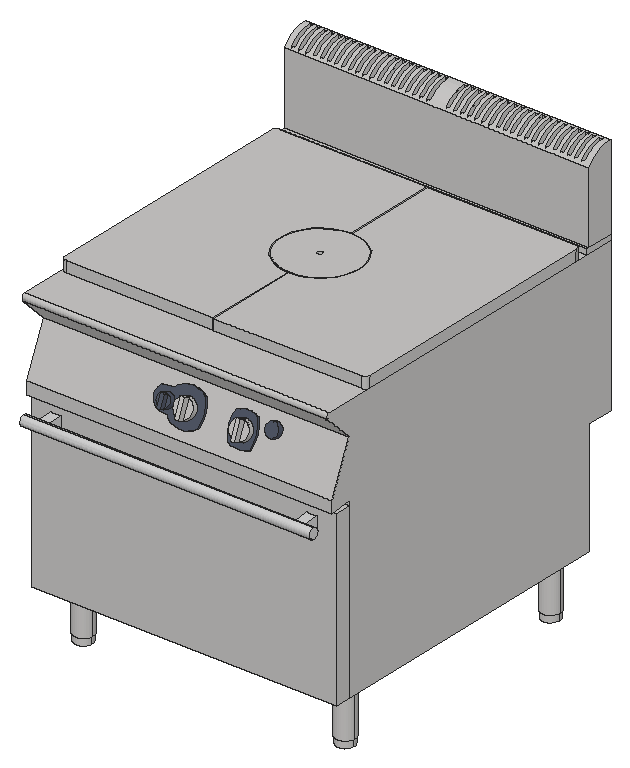
Revit family "QF_ELECTROLUXPROFESSIONAL_391214_E9STGH10V", category Specialty Equipment, Revit 2018
Family settings
  Round Connector Dimension = Use Diameter
  Part Type = Normal
  Work Plane-Based = No
  Always vertical = Yes
  Cut with Voids When Loaded = No
  Shared = No
  Room Calculation Point = No
Parameters
  Width = 800 mm  # constant formula
  Weight in Pounds = 171  # constant formula
  Watts = 0 W
  Volts = 230 V
  URL Cutsheet = "www.electrolux.com"
  URL = "www.electrolux.com"
  Type Mark [instance] = ""
  Status [instance] = ""
  Specification by User [instance] = ""
  Specification by Manufacturer = ""
  Show Logo [instance] = yes
  Show Clearance [instance] = yes
  Serial Number = ""
  Seismic Rating = ""
  SMACNA No = ""
  Revision Code [instance] = ""
  Phase = 1
  Omniclass Number and Title = ""
  Number of Poles [instance] = 1
  NAFEM Spec ID Number = ""
  Model = "391214"
  Min Ckt Ampacity = 0 A
  Mechanical Remarks [instance] = ""
  Mechanical Connection Type [instance] = ""
  Max Overcurrent Protection = 0 A
  Masterspec = ""
  Manufacturer = "ELECTROLUX"
  Item Number [instance] = ""
  Installed By [instance] = ""
  Identify Quantity as Lot [instance] = yes
  Height = 908 mm  # constant formula
  HP = "0.3 HP"
  Gas Size = 12.7 mm  # 1/2"
  Gas RI Height [instance] = 0 mm
  Gas KW [instance] = 22  # constant formula
  Gas Input [instance] = 71589.0 Btu/h
  Gas Connection Height = 0 mm
  Furnished By [instance] = ""
  Foodservice Equipment Identifier [instance] = yes
  FL Amps = if(Phase = 3, Watts / (Volts * 1.73), Watts / Volts)  # 0 A
  Electrical Remarks = "230 V/1N ph/50/60 Hz"
  Electric Connection Type [instance] = ""
  Elec Conn RI Height [instance] = 0 mm
  Elec Conn Connection Height [instance] = 0 mm
  Direct Waste Size = 0"
  Description = "900XP GAS SOLID TOP, GAS OVEN - LPG/NATURAL GAS"
  Depth = 700 mm  # constant formula
  Cycle = if([60 Hertz Option], 60 Hz, 50 Hz)  # 50 Hz
  Conn Plug = ""
  Conn Conduit = yes
  CSI MasterFormat = ""
  CSI Master Format = ""
  Assembly Code = ""
  Apparent Power = if(Phase = 3, Volts * FL Amps * 1.73, Volts * FL Amps)  # 0 VA
  60 Hertz Option = not([50 Hertz Option])  # no
  50 Hertz Option = yes
Reference planes
  plane 1 "BACK": y = 0
  plane 2: z = 0
  plane 3 "LEFT": x = 0
  plane 4 "RIGHT": x = 800
  plane 5 "FRONT": y = -930
  plane 6 "TOP": z = 1087
  plane 7 "Center Y": x = 400
  plane 8 "Center X": y = -465
  plane 9 "Base": z = 150
  plane 10: z = 850
  plane 11: y = -1030
  plane 12: y = -1306
  plane 13: x = 56
  plane 14: x = 744
  plane 15: y = -128
  plane 16: y = -801.871
  plane 17: x = 780.125
  plane 18: x = 19.875
  plane 19: y = -574
  plane 20: x = 552
Forms (mm)
  Revolve 1, solid, material "QF_Finishes_Stainless Steel"
    sketch origin (1, -126, 0) x (1, 0, 0) y (0, 0, 1)
      loop
        line (55, 0) -> (55, 150) -> (29.6, 150) -> (29.6, 19.05) -> (32.1, 19.05) -> (32.1, 0) -> (55, 0)
      axis (55, 0) -> (55, 150)
    angle from 0 to 360
  Revolve 2, solid, material "QF_Finishes_Stainless Steel"
    sketch origin (1, -800, 0) x (1, 0, 0) y (0, 0, 1)
      loop
        line (55, 0) -> (55, 150) -> (29.6, 150) -> (29.6, 19.05) -> (32.1, 19.05) -> (32.1, 0) -> (55, 0)
      axis (55, 0) -> (55, 150)
    angle from 0 to 360
  Revolve 3, solid, material "QF_Finishes_Stainless Steel"
    sketch origin (799, -126, 0) x (-1, 0, 0) y (0, 0, -1)
      loop
        line (55, 0) -> (32.1, 0) -> (32.1, -19.05) -> (29.6, -19.05) -> (29.6, -150) -> (55, -150) -> (55, 0)
      axis (55, 0) -> (55, -150)
    angle from 0 to 360
  Revolve 4, solid, material "QF_Finishes_Stainless Steel"
    sketch origin (799, -800, 0) x (-1, 0, 0) y (0, 0, -1)
      loop
        line (55, 0) -> (32.1, 0) -> (32.1, -19.05) -> (29.6, -19.05) -> (29.6, -150) -> (55, -150) -> (55, 0)
      axis (55, 0) -> (55, -150)
    angle from 0 to 360
  Extrusion 5, solid, material "QF_Finishes_Stainless Steel"
    sketch origin (0, 0, 0) x (0, 1, 0) y (0, 0, 1)
      loop
        line (0, 450) -> (0, 850) -> (-921.37, 850)
        arc (-921.37, 850) -> (-929.343, 844.673) -> (-927.472, 835.268) r 8.63
        line (-927.472, 835.268) -> (-860.008, 765.933) -> (-915.833, 640.576) -> (-915.833, 609.279) -> (-857.58, 613.975)
        arc (-857.58, 613.975) -> (-855.056, 613.227) -> (-853.964, 610.831) r 3.175
        line (-853.964, 610.831) -> (-853.964, 150) -> (-71, 150) -> (-71, 450) -> (0, 450)
    from 0 to 800
  Extrusion 6, solid, material "QF_Finishes_Stainless Steel"
    sketch origin (0, -853.964, 610.831) x (0, 0, -1) y (1, 0, 0)
      loop
        line (460.831, 0) -> (460.831, 800) -> (9.61, 800) -> (9.61, 0) -> (460.831, 0)
    from 3.175 to 45.907
  Extrusion 7, solid, material "QF_Finishes_Handrails and Railings"
    sketch origin (800, -853.964, 150) x (0, 0, 1) y (0, -1, 0)
      loop
        line (429.101, 45.907) -> (426.396, 84.585)
        arc (426.396, 84.585) -> (412.589, 85.779) -> (408.093, 98.888) r 12.7
        arc (408.093, 98.888) -> (407.276, 98.347) -> (406.501, 97.749) r 13.441
        arc (406.501, 97.749) -> (405.055, 95.943) -> (404.435, 93.715) r 5.77
        line (404.435, 93.715) -> (401.092, 45.907) -> (429.101, 45.907)
    from -76.2 to -50.8
  Extrusion 8, solid, material "QF_Finishes_Handrails and Railings"
    sketch origin (0, -853.964, 601.221) x (0, 0, -1) y (0, -1, 0)
      loop
        circle (30.812, 95.785) r 12.7
    from -19.875 to -780.125
  Extrusion 9, solid, material "QF_Finishes_Stainless Steel"
    sketch origin (0, 0, 576.213) x (0, 1, 0) y (0, 0, 1)
      loop
        line (0, 273.787) -> (0, 288.075) -> (-78.2, 288.075) -> (-78.2, 273.787) -> (0, 273.787)
    from 0 to 800
  Extrusion 10, solid, material "QF_Finishes_Stainless Steel"
    sketch origin (0, 0, 850) x (0, -1, 0) y (1, 0, 0)
      loop
        arc (100.261, 12.7) -> (103.981, 3.72) -> (112.961, 0) r 12.7
        line (112.961, 0) -> (789.171, 0)
        arc (789.171, 0) -> (798.151, 3.72) -> (801.871, 12.7) r 12.7
        line (801.871, 12.7) -> (801.871, 398.413) -> (557.878, 398.413)
        arc (557.878, 398.413) -> (452.319, 294.787) -> (346.915, 398.571) r 105.497
        line (346.915, 398.571) -> (100.261, 398.571) -> (100.261, 12.7)
      loop
        arc (801.871, 787.3) -> (798.151, 796.28) -> (789.171, 800) r 12.7
        line (789.171, 800) -> (112.961, 800)
        arc (112.961, 800) -> (103.981, 796.28) -> (100.261, 787.3) r 12.7
        line (100.261, 787.3) -> (100.261, 401.528) -> (346.91, 401.528)
        arc (346.91, 401.528) -> (452.639, 505.459) -> (557.892, 401.047) r 105.5
        line (557.892, 401.047) -> (801.871, 401.047) -> (801.871, 787.3)
      loop
        circle (452.399, 400) r 102.6
      loop
        circle (452.399, 400) r 7
    from 0 to 28.575
  Extrusion 11, solid, material "QF_Finishes_Navy Blue"
    sketch origin (0, -860.008, 765.933) x (0, -0.40682, -0.913509) y (1, 0, 0)
      loop
        arc (30.134, 518.214) -> (65.716, 510.589) -> (101.425, 517.596) r 90.5
        arc (101.425, 517.596) -> (108.251, 546.784) -> (101.425, 575.972) r 65.817
        arc (101.425, 575.972) -> (65.717, 582.932) -> (30.134, 575.359) r 91.066
        arc (30.134, 575.359) -> (23.579, 546.786) -> (30.134, 518.214) r 65.546
    from 0 to 3.175
  Extrusion 12, solid, material "QF_Finishes_Stainless Steel"
    sketch origin (0, -862.908, 767.224) x (0, -0.40682, -0.913509) y (1, 0, 0)
      loop
        circle (66.843, 546.537) r 25.4
    from 0 to 12.7
  Extrusion 13, solid, material "QF_Finishes_Stainless Steel"
    sketch origin (0, -874.509, 772.391) x (0, -0.40682, -0.913509) y (1, 0, 0)
      loop
        arc (91.575, 540.751) -> (92.243, 546.537) -> (91.575, 552.323) r 25.4
        line (91.575, 552.323) -> (42.111, 552.323)
        arc (42.111, 552.323) -> (41.443, 546.537) -> (42.111, 540.751) r 25.4
        line (42.111, 540.751) -> (91.575, 540.751)
    from 0 to 12.7
  Extrusion 14, solid, material "QF_Finishes_Navy Blue"
    sketch origin (0, -860.008, 765.933) x (0, -0.40682, -0.913509) y (1, 0, 0)
      loop
        circle (42.286, 622.183) r 17.78
    from 0 to 12.7
  Extrusion 15, solid, material "QF_Finishes_Navy Blue"
    sketch origin (0, -860.008, 765.933) x (0, -0.40682, -0.913509) y (1, 0, 0)
      loop
        arc (28.402, 362.874) -> (31.432, 361.545) -> (34.507, 360.326) r 91.066
        arc (34.507, 360.326) -> (36.162, 342.735) -> (39.545, 325.393) r 178.752
        arc (39.545, 325.393) -> (63.514, 313.082) -> (87.483, 325.393) r 29.489
        arc (87.483, 325.393) -> (93.848, 341.728) -> (95.308, 359.198) r 61.044
        arc (95.308, 359.198) -> (98.286, 360.249) -> (101.226, 361.403) r 91.066
        arc (101.226, 361.403) -> (113.24, 400.51) -> (99.828, 439.16) r 65.817
        arc (99.828, 439.16) -> (64.653, 445.46) -> (29.762, 437.739) r 91.066
        arc (29.762, 437.739) -> (17.34, 400.52) -> (28.402, 362.874) r 65.546
    from 0 to 3.175
  Extrusion 16, solid, material "QF_Finishes_Stainless Steel"
    sketch origin (0, -862.908, 767.224) x (0, -0.40682, -0.913509) y (1, 0, 0)
      loop
        circle (66.843, 400) r 25.4
    from 0 to 12.7
  Extrusion 17, solid, material "QF_Finishes_Stainless Steel"
    sketch origin (0, -874.509, 772.391) x (0, -0.40682, -0.913509) y (1, 0, 0)
      loop
        arc (91.575, 394.214) -> (92.243, 400) -> (91.575, 405.786) r 25.4
        line (91.575, 405.786) -> (42.111, 405.786)
        arc (42.111, 405.786) -> (41.443, 400) -> (42.111, 394.214) r 25.4
        line (42.111, 394.214) -> (91.575, 394.214)
    from 0 to 12.7
  Extrusion 18, solid, material "QF_Finishes_Navy Blue"
    sketch origin (0, -862.908, 767.224) x (0, -0.40682, -0.913509) y (1, 0, 0)
      loop
        circle (66.843, 347.787) r 18.37
    from 0 to 12.7
  Extrusion 19, solid, material "QF_Finishes_Navy Blue"
    sketch origin (-0.312, -874.382, 772.676) x (0, -0.40682, -0.913509) y (1, 0, 0)
      loop
        arc (84.808, 342.354) -> (85.476, 348.14) -> (84.808, 353.926) r 25.4
        line (84.808, 353.926) -> (52.844, 353.926)
        arc (52.844, 353.926) -> (52.176, 348.14) -> (52.844, 342.354) r 25.4
        line (52.844, 342.354) -> (84.808, 342.354)
    from 0 to 8.112
  Extrusion 20, solid, material "QF_Finishes_Stainless Steel"
    sketch origin (0, -853.964, 150) x (1, 0, 0) y (0, -1, 0)
      loop
        circle (747.612, -189.964) r 6.4
    from 0 to 21
  Extrusion 21, solid, material "QF_Door-Drawer Clearances", visible <- "Show Clearance", detail levels coarse
    sketch origin (0, 0, 0) x (0, -1, 0) y (0, 0, 1)
      loop
        line (899.871, 600.497) -> (899.871, 150) -> (1306, 150)
        arc (1306, 150) -> (1181.262, 445.861) -> (899.871, 600.497) r 488.79
    from 0 to -800
  Extrusion 22, solid, material "QF_Clearances", visible <- "Show Clearance", detail levels coarse
    sketch origin (0, 0, 0) x (1, 0, 0) y (0, 1, 0)
      loop
        line (-100, -930) -> (0, -930) -> (0, 0) -> (800, 0) -> (800, -930) -> (900, -930) -> (900, 100) -> (-100, 100) -> (-100, -930)
    from 0 to 1087
  Extrusion 23, solid, material "QF_Finishes_Handrails and Railings"
    sketch origin (0, -852.093, 150) x (0, 0, 1) y (0, 1, 0)
      loop
        line (429.101, -47.778) -> (401.092, -47.778) -> (404.435, -95.586)
        arc (404.435, -95.586) -> (405.055, -97.814) -> (406.501, -99.619) r 5.77
        arc (406.501, -99.619) -> (407.276, -100.218) -> (408.093, -100.759) r 13.441
        arc (408.093, -100.759) -> (412.589, -87.649) -> (426.396, -86.456) r 12.7
        line (426.396, -86.456) -> (429.101, -47.778)
    from -76.2 to -50.8
  Extrusion 24, void
    sketch origin (34.989, 0, 1043.988) x (-1, 0, 0) y (0, -1, 0)
      loop
        line (-335.017, 6.761) -> (-335.017, 63.911) -> (-344.313, 63.911) -> (-344.313, 6.761) -> (-335.017, 6.761)
      loop
        line (-316.325, 6.761) -> (-316.325, 63.911) -> (-325.62, 63.911) -> (-325.62, 6.761) -> (-316.325, 6.761)
      loop
        line (-297.632, 6.761) -> (-297.632, 63.911) -> (-306.928, 63.911) -> (-306.928, 6.761) -> (-297.632, 6.761)
      loop
        line (-278.94, 6.761) -> (-278.94, 63.911) -> (-288.235, 63.911) -> (-288.235, 6.761) -> (-278.94, 6.761)
      loop
        line (-260.247, 6.761) -> (-260.247, 63.911) -> (-269.543, 63.911) -> (-269.543, 6.761) -> (-260.247, 6.761)
      loop
        line (-241.554, 6.761) -> (-241.554, 63.911) -> (-250.85, 63.911) -> (-250.85, 6.761) -> (-241.554, 6.761)
      loop
        line (-222.862, 6.761) -> (-222.862, 63.911) -> (-232.157, 63.911) -> (-232.157, 6.761) -> (-222.862, 6.761)
      loop
        line (-204.169, 6.761) -> (-204.169, 63.911) -> (-213.465, 63.911) -> (-213.465, 6.761) -> (-204.169, 6.761)
      loop
        line (-185.476, 6.761) -> (-185.476, 63.911) -> (-194.772, 63.911) -> (-194.772, 6.761) -> (-185.476, 6.761)
      loop
        line (-166.784, 6.761) -> (-166.784, 63.911) -> (-176.08, 63.911) -> (-176.08, 6.761) -> (-166.784, 6.761)
      loop
        line (-148.091, 6.761) -> (-148.091, 63.911) -> (-157.387, 63.911) -> (-157.387, 6.761) -> (-148.091, 6.761)
      loop
        line (-129.399, 6.761) -> (-129.399, 63.911) -> (-138.694, 63.911) -> (-138.694, 6.761) -> (-129.399, 6.761)
      loop
        line (-110.706, 6.761) -> (-110.706, 63.911) -> (-120.002, 63.911) -> (-120.002, 6.761) -> (-110.706, 6.761)
      loop
        line (-92.013, 6.761) -> (-92.013, 63.911) -> (-101.309, 63.911) -> (-101.309, 6.761) -> (-92.013, 6.761)
      loop
        line (-73.321, 6.761) -> (-73.321, 63.911) -> (-82.617, 63.911) -> (-82.617, 6.761) -> (-73.321, 6.761)
      loop
        line (-54.628, 6.761) -> (-54.628, 63.911) -> (-63.924, 63.911) -> (-63.924, 6.761) -> (-54.628, 6.761)
      loop
        line (-35.936, 6.761) -> (-35.936, 63.911) -> (-45.231, 63.911) -> (-45.231, 6.761) -> (-35.936, 6.761)
      loop
        line (-17.243, 6.761) -> (-17.243, 63.911) -> (-26.539, 63.911) -> (-26.539, 6.761) -> (-17.243, 6.761)
      loop
        line (1.45, 6.761) -> (1.45, 63.911) -> (-7.846, 63.911) -> (-7.846, 6.761) -> (1.45, 6.761)
      loop
        line (20.142, 6.761) -> (20.142, 63.911) -> (10.846, 63.911) -> (10.846, 6.761) -> (20.142, 6.761)
      loop
        line (-395.005, 6.761) -> (-385.709, 6.761) -> (-385.709, 63.911) -> (-395.005, 63.911) -> (-395.005, 6.761)
      loop
        line (-413.697, 6.761) -> (-404.401, 6.761) -> (-404.401, 63.911) -> (-413.697, 63.911) -> (-413.697, 6.761)
      loop
        line (-432.39, 6.761) -> (-423.094, 6.761) -> (-423.094, 63.911) -> (-432.39, 63.911) -> (-432.39, 6.761)
      loop
        line (-451.082, 6.761) -> (-441.787, 6.761) -> (-441.787, 63.911) -> (-451.082, 63.911) -> (-451.082, 6.761)
      loop
        line (-469.775, 6.761) -> (-460.479, 6.761) -> (-460.479, 63.911) -> (-469.775, 63.911) -> (-469.775, 6.761)
      loop
        line (-488.468, 6.761) -> (-479.172, 6.761) -> (-479.172, 63.911) -> (-488.468, 63.911) -> (-488.468, 6.761)
      loop
        line (-507.16, 6.761) -> (-497.864, 6.761) -> (-497.864, 63.911) -> (-507.16, 63.911) -> (-507.16, 6.761)
      loop
        line (-525.853, 6.761) -> (-516.557, 6.761) -> (-516.557, 63.911) -> (-525.853, 63.911) -> (-525.853, 6.761)
      loop
        line (-544.545, 6.761) -> (-535.25, 6.761) -> (-535.25, 63.911) -> (-544.545, 63.911) -> (-544.545, 6.761)
      loop
        line (-563.238, 6.761) -> (-553.942, 6.761) -> (-553.942, 63.911) -> (-563.238, 63.911) -> (-563.238, 6.761)
      loop
        line (-581.931, 6.761) -> (-572.635, 6.761) -> (-572.635, 63.911) -> (-581.931, 63.911) -> (-581.931, 6.761)
      loop
        line (-600.623, 6.761) -> (-591.328, 6.761) -> (-591.328, 63.911) -> (-600.623, 63.911) -> (-600.623, 6.761)
      loop
        line (-619.316, 6.761) -> (-610.02, 6.761) -> (-610.02, 63.911) -> (-619.316, 63.911) -> (-619.316, 6.761)
      loop
        line (-638.008, 6.761) -> (-628.713, 6.761) -> (-628.713, 63.911) -> (-638.008, 63.911) -> (-638.008, 6.761)
      loop
        line (-656.701, 6.761) -> (-647.405, 6.761) -> (-647.405, 63.911) -> (-656.701, 63.911) -> (-656.701, 6.761)
      loop
        line (-675.394, 6.761) -> (-666.098, 6.761) -> (-666.098, 63.911) -> (-675.394, 63.911) -> (-675.394, 6.761)
      loop
        line (-694.086, 6.761) -> (-684.791, 6.761) -> (-684.791, 63.911) -> (-694.086, 63.911) -> (-694.086, 6.761)
      loop
        line (-712.779, 6.761) -> (-703.483, 6.761) -> (-703.483, 63.911) -> (-712.779, 63.911) -> (-712.779, 6.761)
      loop
        line (-731.472, 6.761) -> (-722.176, 6.761) -> (-722.176, 63.911) -> (-731.472, 63.911) -> (-731.472, 6.761)
      loop
        line (-750.164, 6.761) -> (-740.868, 6.761) -> (-740.868, 63.911) -> (-750.164, 63.911) -> (-750.164, 6.761)
    from 9.525 to 45.348
  Extrusion 25, solid, material "QF_Finishes_Stainless Steel"
    sketch origin (0, 0, 769.35) x (0, 1, 0) y (0, 0, 1)
      loop
        line (0, 94.938) -> (0, 317.65)
        arc (0, 317.65) -> (-39.107, 308.987) -> (-69.85, 283.312) r 84.633
        line (-69.85, 283.312) -> (-69.85, 94.938) -> (0, 94.938)
    from 0 to 800
  Extrusion 26, solid, material "QF_Finishes_Stainless Steel"
    sketch origin (0, -71, 450) x (0, 0, -1) y (-1, 0, 0)
      loop
        line (0, -209.516) -> (0, -589.516) -> (125, -589.516) -> (125, -209.516) -> (0, -209.516)
    from 0 to 71
  Extrusion 27, solid, material "QF_Finishes_Stainless Steel"
    sketch origin (0, -71, 450) x (1, 0, 0) y (0, -1, 0)
      loop
        circle (754, -41) r 6.35
    from 0 to 43
  Extrusion 28, solid, material "QF_Finishes_Stainless Steel"
    sketch origin (0, -71, 450) x (0, 0, -1) y (-1, 0, 0)
      loop
        circle (258, -757) r 12.7
    from 0 to 5
  Extrusion 29, solid, material "QF_Finishes_Stainless Steel"
    sketch origin (594.516, -71, 325) x (0, 1, 0) y (1, 0, 0)
      loop
        circle (12, -42.516) r 12.7
    from 0 to -6
Cuts and joins
  Extrusion 24 cuts Extrusion 25
Lines and regions (mm)
  Split face 1
    outline origin (0, -860.008, 765.933) x (0, -0.40682, -0.913509) y (1, 0, 0)
      loop
        line (84.491, 297.788) -> (44.491, 297.788) -> (44.491, 272.788) -> (84.491, 272.788) -> (84.491, 297.788)
  Split face 2
    outline origin (0, -860.008, 765.933) x (0, -0.40682, -0.913509) y (1, 0, 0)
      loop
        line (82.491, 295.788) -> (46.491, 295.788) -> (46.491, 274.788) -> (82.491, 274.788) -> (82.491, 295.788)
  symbolic lines
    curve 1: line (0, -931.871, 150) -> (0, -1306, 150)
    curve 2: line (0, -1306, 150) -> (800, -1306, 150)
    curve 3: line (800, -1306, 150) -> (800, -931.871, 150)
    curve 4: line (800, -931.871, 150) -> (0, -931.871, 150)
    curve 5: line (0, 0, 150) -> (0, -931.871, 150)
    curve 6: line (0, -112.961, 150) -> (0, -789.171, 150)
    curve 7: arc (0, -789.171, 150) -> (3.72, -798.151, 150) -> (12.7, -801.871, 150) r 12.7
    curve 8: line (12.7, -801.871, 150) -> (398.413, -801.871, 150)
    curve 9: line (398.413, -801.871, 150) -> (398.413, -557.878, 150)
    curve 10: arc (398.413, -557.878, 150) -> (294.787, -452.319, 150) -> (398.571, -346.915, 150) r 105.497
    curve 11: line (398.571, -346.915, 150) -> (398.571, -100.261, 150)
    curve 12: line (398.571, -100.261, 150) -> (12.7, -100.261, 150)
    curve 13: arc (12.7, -100.261, 150) -> (3.72, -103.981, 150) -> (0, -112.961, 150) r 12.7
    curve 14: line (800, -789.171, 150) -> (800, -112.961, 150)
    curve 15: arc (800, -112.961, 150) -> (796.28, -103.981, 150) -> (787.3, -100.261, 150) r 12.7
    curve 16: line (787.3, -100.261, 150) -> (401.528, -100.261, 150)
    curve 17: line (401.528, -100.261, 150) -> (401.528, -346.91, 150)
    curve 18: arc (401.528, -346.91, 150) -> (505.46, -452.517, 150) -> (401.289, -557.89, 150) r 105.5
    curve 19: line (401.289, -557.89, 150) -> (401.289, -801.871, 150)
    curve 20: line (401.289, -801.871, 150) -> (787.3, -801.871, 150)
    curve 21: arc (787.3, -801.871, 150) -> (796.28, -798.151, 150) -> (800, -789.171, 150) r 12.7
    curve 22: arc (400, -349.799, 150) -> (297.4, -452.399, 150) -> (400, -554.999, 150) r 102.6
    curve 23: arc (400, -554.999, 150) -> (502.6, -452.399, 150) -> (400, -349.799, 150) r 102.6
    curve 24: arc (400, -445.399, 150) -> (407, -452.399, 150) -> (400, -459.399, 150) r 7
    curve 25: arc (400, -459.399, 150) -> (393, -452.399, 150) -> (400, -445.399, 150) r 7
    curve 26: line (0, -69.85, 150) -> (800, -69.85, 150)
    curve 27: line (0, -76.2, 150) -> (800, -76.2, 150)
    curve 28: line (800, -931.871, 150) -> (800, 0, 150)
    curve 29: line (0, 0, 150) -> (800, 0, 150)
    curve 30: line (24.143, -6.761, 150) -> (24.143, -63.911, 150)
    curve 31: line (24.143, -63.911, 150) -> (14.847, -63.911, 150)
    curve 32: line (14.847, -63.911, 150) -> (14.847, -6.761, 150)
    curve 33: line (14.847, -6.761, 150) -> (24.143, -6.761, 150)
    curve 34: line (379.302, -6.761, 150) -> (379.302, -63.911, 150)
    curve 35: line (379.302, -63.911, 150) -> (370.006, -63.911, 150)
    curve 36: line (370.006, -63.911, 150) -> (370.006, -6.761, 150)
    curve 37: line (370.006, -6.761, 150) -> (379.302, -6.761, 150)
    curve 38: line (429.994, -6.761, 150) -> (429.994, -63.911, 150)
    curve 39: line (429.994, -63.911, 150) -> (420.698, -63.911, 150)
    curve 40: line (420.698, -63.911, 150) -> (420.698, -6.761, 150)
    curve 41: line (420.698, -6.761, 150) -> (429.994, -6.761, 150)
    curve 42: line (360.61, -6.761, 150) -> (360.61, -63.911, 150)
    curve 43: line (360.61, -63.911, 150) -> (351.314, -63.911, 150)
    curve 44: line (351.314, -63.911, 150) -> (351.314, -6.761, 150)
    curve 45: line (351.314, -6.761, 150) -> (360.61, -6.761, 150)
    curve 46: line (341.917, -6.761, 150) -> (341.917, -63.911, 150)
    curve 47: line (341.917, -63.911, 150) -> (332.621, -63.911, 150)
    curve 48: line (332.621, -63.911, 150) -> (332.621, -6.761, 150)
    curve 49: line (332.621, -6.761, 150) -> (341.917, -6.761, 150)
    curve 50: line (323.224, -6.761, 150) -> (323.224, -63.911, 150)
    curve 51: line (323.224, -63.911, 150) -> (313.929, -63.911, 150)
    curve 52: line (313.929, -63.911, 150) -> (313.929, -6.761, 150)
    curve 53: line (313.929, -6.761, 150) -> (323.224, -6.761, 150)
    curve 54: line (304.532, -6.761, 150) -> (304.532, -63.911, 150)
    curve 55: line (304.532, -63.911, 150) -> (295.236, -63.911, 150)
    curve 56: line (295.236, -63.911, 150) -> (295.236, -6.761, 150)
    curve 57: line (295.236, -6.761, 150) -> (304.532, -6.761, 150)
    curve 58: line (285.839, -6.761, 150) -> (285.839, -63.911, 150)
    curve 59: line (285.839, -63.911, 150) -> (276.543, -63.911, 150)
    curve 60: line (276.543, -63.911, 150) -> (276.543, -6.761, 150)
    curve 61: line (276.543, -6.761, 150) -> (285.839, -6.761, 150)
    curve 62: line (267.146, -6.761, 150) -> (267.146, -63.911, 150)
    curve 63: line (267.146, -63.911, 150) -> (257.851, -63.911, 150)
    curve 64: line (257.851, -63.911, 150) -> (257.851, -6.761, 150)
    curve 65: line (257.851, -6.761, 150) -> (267.146, -6.761, 150)
    curve 66: line (248.454, -6.761, 150) -> (248.454, -63.911, 150)
    curve 67: line (248.454, -63.911, 150) -> (239.158, -63.911, 150)
    curve 68: line (239.158, -63.911, 150) -> (239.158, -6.761, 150)
    curve 69: line (239.158, -6.761, 150) -> (248.454, -6.761, 150)
    curve 70: line (229.761, -6.761, 150) -> (229.761, -63.911, 150)
    curve 71: line (229.761, -63.911, 150) -> (220.466, -63.911, 150)
    curve 72: line (220.466, -63.911, 150) -> (220.466, -6.761, 150)
    curve 73: line (220.466, -6.761, 150) -> (229.761, -6.761, 150)
    curve 74: line (211.069, -6.761, 150) -> (211.069, -63.911, 150)
    curve 75: line (211.069, -63.911, 150) -> (201.773, -63.911, 150)
    curve 76: line (201.773, -63.911, 150) -> (201.773, -6.761, 150)
    curve 77: line (201.773, -6.761, 150) -> (211.069, -6.761, 150)
    curve 78: line (192.376, -6.761, 150) -> (192.376, -63.911, 150)
    curve 79: line (192.376, -63.911, 150) -> (183.08, -63.911, 150)
    curve 80: line (183.08, -63.911, 150) -> (183.08, -6.761, 150)
    curve 81: line (183.08, -6.761, 150) -> (192.376, -6.761, 150)
    curve 82: line (173.683, -6.761, 150) -> (173.683, -63.911, 150)
    curve 83: line (173.683, -63.911, 150) -> (164.388, -63.911, 150)
    curve 84: line (164.388, -63.911, 150) -> (164.388, -6.761, 150)
    curve 85: line (164.388, -6.761, 150) -> (173.683, -6.761, 150)
    curve 86: line (154.991, -6.761, 150) -> (154.991, -63.911, 150)
    curve 87: line (154.991, -63.911, 150) -> (145.695, -63.911, 150)
    curve 88: line (145.695, -63.911, 150) -> (145.695, -6.761, 150)
    curve 89: line (145.695, -6.761, 150) -> (154.991, -6.761, 150)
    curve 90: line (136.298, -6.761, 150) -> (136.298, -63.911, 150)
    curve 91: line (136.298, -63.911, 150) -> (127.002, -63.911, 150)
    curve 92: line (127.002, -63.911, 150) -> (127.002, -6.761, 150)
    curve 93: line (127.002, -6.761, 150) -> (136.298, -6.761, 150)
    curve 94: line (117.606, -6.761, 150) -> (117.606, -63.911, 150)
    curve 95: line (117.606, -63.911, 150) -> (108.31, -63.911, 150)
    curve 96: line (108.31, -63.911, 150) -> (108.31, -6.761, 150)
    curve 97: line (108.31, -6.761, 150) -> (117.606, -6.761, 150)
    curve 98: line (98.913, -6.761, 150) -> (98.913, -63.911, 150)
    curve 99: line (98.913, -63.911, 150) -> (89.617, -63.911, 150)
    curve 100: line (89.617, -63.911, 150) -> (89.617, -6.761, 150)
    curve 101: line (89.617, -6.761, 150) -> (98.913, -6.761, 150)
    curve 102: line (80.22, -6.761, 150) -> (80.22, -63.911, 150)
    curve 103: line (80.22, -63.911, 150) -> (70.925, -63.911, 150)
    curve 104: line (70.925, -63.911, 150) -> (70.925, -6.761, 150)
    curve 105: line (70.925, -6.761, 150) -> (80.22, -6.761, 150)
    curve 106: line (61.528, -6.761, 150) -> (61.528, -63.911, 150)
    curve 107: line (61.528, -63.911, 150) -> (52.232, -63.911, 150)
    curve 108: line (52.232, -63.911, 150) -> (52.232, -6.761, 150)
    curve 109: line (52.232, -6.761, 150) -> (61.528, -6.761, 150)
    curve 110: line (42.835, -6.761, 150) -> (42.835, -63.911, 150)
    curve 111: line (42.835, -63.911, 150) -> (33.539, -63.911, 150)
    curve 112: line (33.539, -63.911, 150) -> (33.539, -6.761, 150)
    curve 113: line (33.539, -6.761, 150) -> (42.835, -6.761, 150)
    curve 114: line (635.612, -6.761, 150) -> (635.612, -63.911, 150)
    curve 115: line (635.612, -63.911, 150) -> (626.317, -63.911, 150)
    curve 116: line (626.317, -63.911, 150) -> (626.317, -6.761, 150)
    curve 117: line (626.317, -6.761, 150) -> (635.612, -6.761, 150)
    curve 118: line (616.92, -6.761, 150) -> (616.92, -63.911, 150)
    curve 119: line (616.92, -63.911, 150) -> (607.624, -63.911, 150)
    curve 120: line (607.624, -63.911, 150) -> (607.624, -6.761, 150)
    curve 121: line (607.624, -6.761, 150) -> (616.92, -6.761, 150)
    curve 122: line (598.227, -6.761, 150) -> (598.227, -63.911, 150)
    curve 123: line (598.227, -63.911, 150) -> (588.931, -63.911, 150)
    curve 124: line (588.931, -63.911, 150) -> (588.931, -6.761, 150)
    curve 125: line (588.931, -6.761, 150) -> (598.227, -6.761, 150)
    curve 126: line (579.534, -6.761, 150) -> (579.534, -63.911, 150)
    curve 127: line (579.534, -63.911, 150) -> (570.239, -63.911, 150)
    curve 128: line (570.239, -63.911, 150) -> (570.239, -6.761, 150)
    curve 129: line (570.239, -6.761, 150) -> (579.534, -6.761, 150)
    curve 130: line (560.842, -6.761, 150) -> (560.842, -63.911, 150)
    curve 131: line (560.842, -63.911, 150) -> (551.546, -63.911, 150)
    curve 132: line (551.546, -63.911, 150) -> (551.546, -6.761, 150)
    curve 133: line (551.546, -6.761, 150) -> (560.842, -6.761, 150)
    curve 134: line (542.149, -6.761, 150) -> (542.149, -63.911, 150)
    curve 135: line (542.149, -63.911, 150) -> (532.854, -63.911, 150)
    curve 136: line (532.854, -63.911, 150) -> (532.854, -6.761, 150)
    curve 137: line (532.854, -6.761, 150) -> (542.149, -6.761, 150)
    curve 138: line (523.457, -6.761, 150) -> (523.457, -63.911, 150)
    curve 139: line (523.457, -63.911, 150) -> (514.161, -63.911, 150)
    curve 140: line (514.161, -63.911, 150) -> (514.161, -6.761, 150)
    curve 141: line (514.161, -6.761, 150) -> (523.457, -6.761, 150)
    curve 142: line (504.764, -6.761, 150) -> (504.764, -63.911, 150)
    curve 143: line (504.764, -63.911, 150) -> (495.468, -63.911, 150)
    curve 144: line (495.468, -63.911, 150) -> (495.468, -6.761, 150)
    curve 145: line (495.468, -6.761, 150) -> (504.764, -6.761, 150)
    curve 146: line (486.071, -6.761, 150) -> (486.071, -63.911, 150)
    curve 147: line (486.071, -63.911, 150) -> (476.776, -63.911, 150)
    curve 148: line (476.776, -63.911, 150) -> (476.776, -6.761, 150)
    curve 149: line (476.776, -6.761, 150) -> (486.071, -6.761, 150)
    curve 150: line (467.379, -6.761, 150) -> (467.379, -63.911, 150)
    curve 151: line (467.379, -63.911, 150) -> (458.083, -63.911, 150)
    curve 152: line (458.083, -63.911, 150) -> (458.083, -6.761, 150)
    curve 153: line (458.083, -6.761, 150) -> (467.379, -6.761, 150)
    curve 154: line (448.686, -6.761, 150) -> (448.686, -63.911, 150)
    curve 155: line (448.686, -63.911, 150) -> (439.39, -63.911, 150)
    curve 156: line (439.39, -63.911, 150) -> (439.39, -6.761, 150)
    curve 157: line (439.39, -6.761, 150) -> (448.686, -6.761, 150)
    curve 158: line (785.153, -6.761, 150) -> (785.153, -63.911, 150)
    curve 159: line (785.153, -63.911, 150) -> (775.857, -63.911, 150)
    curve 160: line (775.857, -63.911, 150) -> (775.857, -6.761, 150)
    curve 161: line (775.857, -6.761, 150) -> (785.153, -6.761, 150)
    curve 162: line (766.461, -6.761, 150) -> (766.461, -63.911, 150)
    curve 163: line (766.461, -63.911, 150) -> (757.165, -63.911, 150)
    curve 164: line (757.165, -63.911, 150) -> (757.165, -6.761, 150)
    curve 165: line (757.165, -6.761, 150) -> (766.461, -6.761, 150)
    curve 166: line (747.768, -6.761, 150) -> (747.768, -63.911, 150)
    curve 167: line (747.768, -63.911, 150) -> (738.472, -63.911, 150)
    curve 168: line (738.472, -63.911, 150) -> (738.472, -6.761, 150)
    curve 169: line (738.472, -6.761, 150) -> (747.768, -6.761, 150)
    curve 170: line (729.075, -6.761, 150) -> (729.075, -63.911, 150)
    curve 171: line (729.075, -63.911, 150) -> (719.78, -63.911, 150)
    curve 172: line (719.78, -63.911, 150) -> (719.78, -6.761, 150)
    curve 173: line (719.78, -6.761, 150) -> (729.075, -6.761, 150)
    curve 174: line (710.383, -6.761, 150) -> (710.383, -63.911, 150)
    curve 175: line (710.383, -63.911, 150) -> (701.087, -63.911, 150)
    curve 176: line (701.087, -63.911, 150) -> (701.087, -6.761, 150)
    curve 177: line (701.087, -6.761, 150) -> (710.383, -6.761, 150)
    curve 178: line (691.69, -6.761, 150) -> (691.69, -63.911, 150)
    curve 179: line (691.69, -63.911, 150) -> (682.394, -63.911, 150)
    curve 180: line (682.394, -63.911, 150) -> (682.394, -6.761, 150)
    curve 181: line (682.394, -6.761, 150) -> (691.69, -6.761, 150)
    curve 182: line (672.998, -6.761, 150) -> (672.998, -63.911, 150)
    curve 183: line (672.998, -63.911, 150) -> (663.702, -63.911, 150)
    curve 184: line (663.702, -63.911, 150) -> (663.702, -6.761, 150)
    curve 185: line (663.702, -6.761, 150) -> (672.998, -6.761, 150)
    curve 186: line (654.305, -6.761, 150) -> (654.305, -63.911, 150)
    curve 187: line (654.305, -63.911, 150) -> (645.009, -63.911, 150)
    curve 188: line (645.009, -63.911, 150) -> (645.009, -6.761, 150)
    curve 189: line (645.009, -6.761, 150) -> (654.305, -6.761, 150)
    curve 193: line (19.875, -964.32, 0) -> (780.125, -964.32, 0)
    curve 194: line (19.875, -938.92, 0) -> (19.875, -964.32, 0)
    curve 195: line (780.125, -938.92, 0) -> (19.875, -938.92, 0)
    curve 196: line (780.125, -964.32, 0) -> (780.125, -938.92, 0)
    curve 197: line (50.8, -931.871, 0) -> (50.8, -938.92, 0)
    curve 198: line (76.2, -931.871, 0) -> (76.2, -938.92, 0)
    curve 199: line (723.8, -931.871, 0) -> (723.8, -938.92, 0)
    curve 200: line (749.2, -931.871, 0) -> (749.2, -938.92, 0)
  symbolic lines, style "QF_Clearances", visible <- "Show Clearance", detail levels coarse
    curve 190: line (-100, -930, 150) -> (-100, 100, 150)
    curve 191: line (-100, 100, 150) -> (900, 100, 150)
    curve 192: line (900, 100, 150) -> (900, -930, 150)
Dimensions and locks
  equal spacing: plane 3 "LEFT", plane 7 "Center Y", plane 4 "RIGHT"
  plane 3 "LEFT" to plane 4 "RIGHT" = 800 mm
  equal spacing: plane 5 "FRONT", plane 8 "Center X", plane 1 "BACK"
  plane 5 "FRONT" to plane 1 "BACK" = 930 mm  (x2)
  plane 6 "TOP" to level = 1087 mm
  plane 9 "Base" to level = 150 mm
  plane 6 "TOP" to plane 10 = 237 mm  (x2)
  plane 1 "BACK" to plane 11 = 1030 mm
  plane 1 "BACK" to plane 12 = 1306 mm
  plane 3 "LEFT" to plane 13 = 56 mm
  plane 4 "RIGHT" to plane 14 = 56 mm
  plane 14 to plane 13 = 688 mm
  plane 15 to plane 1 "BACK" = 128 mm
  plane 12 to plane 1 "BACK" = 1306 mm
  Extrusion 21 to plane 1 "BACK" = 899.871 mm
  Extrusion 5 to plane 1 "BACK" = 71 mm
  plane 9 "Base" to Extrusion 5 = 300 mm
  Extrusion 20 sketch curve to plane 4 "RIGHT" = 52.388 mm
  Extrusion 20 sketch curve to plane 1 "BACK" = 664 mm
  plane 16 to plane 15 = 673.871 mm
  plane 19 to plane 1 "BACK" = 574 mm
  plane 9 "Base" to plane 2 = 150 mm
  plane 10 to plane 2 = 850 mm
  Extrusion 21 to plane 16 = 98 mm
  Extrusion 27 sketch curve to plane 4 "RIGHT" = 46 mm
  Extrusion 27 to plane 2 = 407 mm
  aligned and locked: level to plane 2
Automatic sketch dimensions
  plane 3 "LEFT" to curve 195 = 19.875 mm
  plane 13 to curve 197 = 5.2 mm
  curve 198 to plane 13 = 20.2 mm
  curve 199 to plane 14 = 20.2 mm
  plane 14 to curve 200 = 5.2 mm
  curve 195 to plane 4 "RIGHT" = 19.875 mm
  curve 193 to plane 16 = 162.449 mm
  curve 193 to curve 195 = 25.4 mm
  curve 198 to curve 198 = 7.049 mm
  curve 200 to curve 200 = 7.049 mm
  curve 197 to curve 197 = 7.049 mm
  curve 199 to curve 199 = 7.049 mm
  curve 22 to curve 23 = 0 mm  (x2)
  curve 22 to curve 24 = 0 mm  (x2)
  curve 22 to curve 25 = 0 mm  (x2)
  curve 23 to curve 24 = 0 mm  (x2)
  curve 23 to curve 25 = 0 mm  (x2)
  curve 24 to curve 25 = 0 mm  (x2)
  plane 5 "FRONT" to curve 192 = 0 mm
  curve 2 to plane 4 "RIGHT" = 0 mm
  curve 25 to plane 7 "Center Y" = 0 mm
  curve 26 to plane 3 "LEFT" = 0 mm
  plane 5 "FRONT" to curve 190 = 0 mm
  plane 1 "BACK" to curve 29 = 0 mm
  plane 12 to curve 2 = 0 mm
  plane 4 "RIGHT" to curve 192 = 100 mm
  plane 1 "BACK" to curve 161 = 6.761 mm
  curve 161 to plane 4 "RIGHT" = 14.847 mm
  curve 158 to curve 160 = 9.296 mm
  curve 159 to curve 163 = 9.397 mm
  curve 162 to curve 164 = 9.296 mm
  plane 14 to curve 169 = 3.768 mm
  plane 14 to curve 14 = 56 mm
  curve 167 to plane 14 = 5.528 mm
  plane 14 to curve 21 = 43.3 mm
  plane 14 to curve 15 = 43.3 mm
  curve 167 to curve 170 = 9.397 mm
  curve 170 to curve 172 = 9.296 mm
  curve 172 to curve 174 = 9.397 mm
  curve 174 to curve 177 = 9.296 mm
  curve 176 to curve 181 = 9.397 mm
  curve 178 to curve 180 = 9.296 mm
  curve 179 to curve 182 = 9.397 mm
  curve 182 to curve 184 = 9.296 mm
  curve 184 to curve 189 = 9.397 mm
  curve 186 to curve 189 = 9.296 mm
  curve 188 to curve 114 = 9.397 mm
  curve 114 to curve 116 = 9.296 mm
  curve 116 to curve 118 = 9.397 mm
  curve 118 to curve 120 = 9.296 mm
  curve 120 to curve 122 = 9.397 mm
  curve 122 to curve 124 = 9.296 mm
  curve 124 to curve 126 = 9.397 mm
  curve 126 to curve 127 = 9.296 mm
  curve 128 to curve 130 = 9.397 mm
  curve 130 to curve 132 = 9.296 mm
  curve 131 to curve 134 = 9.397 mm
  curve 134 to curve 136 = 9.296 mm
  curve 136 to curve 138 = 9.397 mm
  curve 138 to curve 141 = 9.296 mm
  curve 139 to curve 142 = 9.397 mm
  curve 142 to curve 143 = 9.296 mm
  curve 143 to curve 147 = 9.397 mm
  curve 146 to curve 147 = 9.296 mm
  curve 148 to curve 153 = 9.397 mm
  curve 150 to curve 152 = 9.296 mm
  curve 152 to curve 154 = 9.397 mm
  curve 154 to curve 156 = 9.296 mm
  curve 156 to curve 38 = 9.397 mm
  curve 38 to curve 40 = 9.296 mm
  plane 7 "Center Y" to curve 17 = 1.528 mm
  plane 7 "Center Y" to curve 20 = 1.289 mm
  plane 7 "Center Y" to curve 10 = 0.283 mm
  curve 18 to plane 7 "Center Y" = 0.04 mm
  curve 10 to plane 7 "Center Y" = 1.429 mm
  curve 8 to plane 7 "Center Y" = 1.587 mm
  plane 1 "BACK" to curve 34 = 6.761 mm
  curve 34 to plane 7 "Center Y" = 20.698 mm
  curve 34 to curve 37 = 9.296 mm
  curve 35 to curve 42 = 9.397 mm
  curve 42 to curve 44 = 9.296 mm
  curve 43 to curve 46 = 9.397 mm
  curve 46 to curve 48 = 9.296 mm
  curve 47 to curve 50 = 9.397 mm
  curve 50 to curve 52 = 9.296 mm
  curve 52 to curve 54 = 9.397 mm
  curve 54 to curve 55 = 9.296 mm
  curve 55 to curve 58 = 9.397 mm
  curve 58 to curve 59 = 9.296 mm
  curve 60 to curve 62 = 9.397 mm
  curve 62 to curve 64 = 9.296 mm
  curve 63 to curve 66 = 9.397 mm
  curve 66 to curve 68 = 9.296 mm
  curve 67 to curve 70 = 9.397 mm
  curve 70 to curve 72 = 9.296 mm
  curve 71 to curve 74 = 9.397 mm
  curve 74 to curve 76 = 9.296 mm
  curve 75 to curve 79 = 9.397 mm
  curve 78 to curve 79 = 9.296 mm
  curve 79 to curve 83 = 9.397 mm
  curve 82 to curve 84 = 9.296 mm
  curve 84 to curve 86 = 9.397 mm
  curve 86 to curve 87 = 9.296 mm
  curve 87 to curve 90 = 9.397 mm
  curve 90 to curve 92 = 9.296 mm
  curve 91 to curve 94 = 9.397 mm
  curve 94 to curve 95 = 9.296 mm
  curve 96 to curve 98 = 9.397 mm
  curve 98 to curve 100 = 9.296 mm
  curve 100 to curve 102 = 9.397 mm
  curve 102 to curve 105 = 9.296 mm
  plane 13 to curve 13 = 43.3 mm
  plane 13 to curve 7 = 43.3 mm
  curve 109 to plane 13 = 5.528 mm
  plane 13 to curve 7 = 56 mm
  plane 13 to curve 108 = 3.768 mm
  curve 108 to curve 110 = 9.397 mm
  curve 110 to curve 111 = 9.296 mm
  curve 111 to curve 31 = 9.397 mm
  curve 30 to curve 33 = 9.296 mm
  curve 190 to plane 3 "LEFT" = 100 mm
  curve 190 to plane 1 "BACK" = 100 mm
  plane 1 "BACK" to curve 186 = 6.761 mm
  plane 1 "BACK" to curve 185 = 6.761 mm
  plane 1 "BACK" to curve 181 = 6.761 mm
  plane 1 "BACK" to curve 177 = 6.761 mm
  plane 1 "BACK" to curve 173 = 6.761 mm
  plane 1 "BACK" to curve 169 = 6.761 mm
  plane 1 "BACK" to curve 165 = 6.761 mm
  plane 1 "BACK" to curve 157 = 6.761 mm
  plane 1 "BACK" to curve 153 = 6.761 mm
  plane 1 "BACK" to curve 149 = 6.761 mm
  plane 1 "BACK" to curve 145 = 6.761 mm
  plane 1 "BACK" to curve 141 = 6.761 mm
  plane 1 "BACK" to curve 137 = 6.761 mm
  plane 1 "BACK" to curve 133 = 6.761 mm
  plane 1 "BACK" to curve 93 = 6.761 mm
  plane 1 "BACK" to curve 30 = 6.761 mm
  plane 1 "BACK" to curve 129 = 6.761 mm
  plane 1 "BACK" to curve 125 = 6.761 mm
  plane 1 "BACK" to curve 38 = 6.761 mm
  plane 1 "BACK" to curve 121 = 6.761 mm
  plane 1 "BACK" to curve 42 = 6.761 mm
  plane 1 "BACK" to curve 117 = 6.761 mm
  plane 1 "BACK" to curve 46 = 6.761 mm
  plane 1 "BACK" to curve 113 = 6.761 mm
  plane 1 "BACK" to curve 50 = 6.761 mm
  plane 1 "BACK" to curve 109 = 6.761 mm
  plane 1 "BACK" to curve 54 = 6.761 mm
  plane 1 "BACK" to curve 105 = 6.761 mm
  plane 1 "BACK" to curve 58 = 6.761 mm
  plane 1 "BACK" to curve 101 = 6.761 mm
  plane 1 "BACK" to curve 62 = 6.761 mm
  plane 1 "BACK" to curve 97 = 6.761 mm
  plane 1 "BACK" to curve 66 = 6.761 mm
  plane 1 "BACK" to curve 70 = 6.761 mm
  plane 1 "BACK" to curve 89 = 6.761 mm
  plane 1 "BACK" to curve 74 = 6.761 mm
  plane 1 "BACK" to curve 85 = 6.761 mm
  plane 1 "BACK" to curve 78 = 6.761 mm
  curve 80 to curve 80 = 57.15 mm
  curve 78 to curve 76 = 0 mm
  curve 82 to curve 79 = 0 mm
  curve 74 to curve 72 = 0 mm
  curve 86 to curve 83 = 0 mm
  curve 70 to curve 68 = 0 mm
  curve 90 to curve 87 = 0 mm
  curve 66 to curve 64 = 0 mm
  curve 188 to curve 188 = 57.15 mm
  curve 95 to curve 91 = 0 mm
  curve 62 to curve 60 = 0 mm
  curve 98 to curve 95 = 0 mm
  curve 58 to curve 56 = 0 mm
  curve 102 to curve 99 = 0 mm
  curve 54 to curve 52 = 0 mm
  curve 106 to curve 103 = 0 mm
  curve 50 to curve 48 = 0 mm
  curve 110 to curve 107 = 0 mm
  curve 46 to curve 44 = 0 mm
  curve 114 to curve 187 = 0 mm
  curve 40 to curve 40 = 57.15 mm
  curve 118 to curve 115 = 0 mm
  curve 42 to curve 36 = 0 mm
  curve 122 to curve 119 = 0 mm
  curve 32 to curve 111 = 0 mm
  curve 126 to curve 123 = 0 mm
  curve 130 to curve 127 = 0 mm
  curve 186 to curve 184 = 0 mm
  curve 134 to curve 131 = 0 mm
  curve 182 to curve 180 = 0 mm
  curve 138 to curve 135 = 0 mm
  curve 178 to curve 176 = 0 mm
  curve 142 to curve 139 = 0 mm
  curve 174 to curve 172 = 0 mm
  curve 146 to curve 143 = 0 mm
  curve 170 to curve 168 = 0 mm
  curve 150 to curve 147 = 0 mm
  curve 166 to curve 164 = 0 mm
  curve 154 to curve 151 = 0 mm
  curve 162 to curve 160 = 0 mm
  curve 31 to curve 26 = 5.939 mm
  curve 26 to curve 27 = 6.35 mm
  curve 170 to curve 15 = 36.35 mm
  curve 11 to curve 16 = 0 mm
  plane 8 "Center X" to curve 17 = 118.09 mm
  curve 17 to curve 10 = 0.006 mm
  curve 11 to curve 22 = 2.884 mm
  plane 8 "Center X" to curve 25 = 19.601 mm
  curve 25 to curve 10 = 6.999 mm
  curve 10 to curve 18 = 0 mm
  curve 18 to curve 22 = 0.001 mm
  plane 16 to curve 21 = 12.7 mm
  plane 16 to curve 7 = 12.7 mm
  curve 28 to plane 16 = 130 mm
  Revolve 1 sketch curve to plane 9 "Base" = 0 mm  (x2)
  Revolve 1 sketch curve to level = 0 mm
  plane 13 to Revolve 1 sketch curve = 0 mm  (x2)
  plane 13 to Revolve 1 sketch curve = 22.9 mm
  Revolve 1 sketch curve to Revolve 1 sketch curve = 2.5 mm
  level to Revolve 1 sketch curve = 19.05 mm
  plane 9 "Base" to Revolve 1 sketch curve = 20 mm
  Revolve 2 sketch curve to plane 9 "Base" = 0 mm  (x2)
  Revolve 2 sketch curve to level = 0 mm
  plane 13 to Revolve 2 sketch curve = 0 mm  (x2)
  plane 13 to Revolve 2 sketch curve = 22.9 mm
  Revolve 2 sketch curve to Revolve 2 sketch curve = 2.5 mm
  level to Revolve 2 sketch curve = 19.05 mm
  plane 9 "Base" to Revolve 2 sketch curve = 20 mm
  Revolve 3 sketch curve to plane 9 "Base" = 0 mm  (x2)
  Revolve 3 sketch curve to level = 0 mm
  Revolve 3 sketch curve to plane 14 = 0 mm  (x2)
  plane 14 to Revolve 3 sketch curve = 22.9 mm
  Revolve 3 sketch curve to Revolve 3 sketch curve = 2.5 mm
  plane 9 "Base" to Revolve 3 sketch curve = 20 mm
  level to Revolve 3 sketch curve = 19.05 mm
  Revolve 4 sketch curve to plane 9 "Base" = 0 mm  (x2)
  Revolve 4 sketch curve to level = 0 mm
  Revolve 4 sketch curve to plane 14 = 0 mm  (x2)
  plane 14 to Revolve 4 sketch curve = 22.9 mm
  Revolve 4 sketch curve to Revolve 4 sketch curve = 2.5 mm
  plane 9 "Base" to Revolve 4 sketch curve = 20 mm
  level to Revolve 4 sketch curve = 19.05 mm
  Extrusion 5 sketch curve to plane 10 = 0 mm
  Extrusion 5 sketch curve to plane 9 "Base" = 0 mm
  Extrusion 5 sketch curve to plane 1 "BACK" = 0 mm
  Extrusion 5 sketch curve to plane 15 = 57 mm
  Extrusion 5 sketch curve to plane 16 = 52.093 mm
  Extrusion 5 sketch curve to Extrusion 5 sketch curve = 3.175 mm
  Extrusion 5 sketch curve to Extrusion 5 sketch curve = 0.442 mm
  Extrusion 5 sketch curve to plane 16 = 58.137 mm
  Extrusion 5 sketch curve to plane 5 "FRONT" = 14.167 mm
  Extrusion 5 sketch curve to plane 5 "FRONT" = 8.63 mm
  Extrusion 5 sketch curve to plane 5 "FRONT" = 2.528 mm
  plane 9 "Base" to Extrusion 5 sketch curve = 300 mm
  Extrusion 5 sketch curve to plane 10 = 240.721 mm
  Extrusion 5 sketch curve to Extrusion 5 sketch curve = 1.552 mm
  Extrusion 5 sketch curve to Extrusion 5 sketch curve = 31.298 mm
  Extrusion 5 sketch curve to plane 10 = 84.067 mm
  Extrusion 5 sketch curve to plane 10 = 14.732 mm
  Extrusion 6 sketch curve to Extrusion 5 = 0 mm  (x2)
  Extrusion 5 to Extrusion 6 sketch curve = 0 mm
  Extrusion 5 to Extrusion 6 sketch curve = 9.61 mm
  Extrusion 7 sketch curve to Extrusion 6 = 0 mm
  Extrusion 7 sketch curve to Extrusion 6 = 50.129 mm
  Extrusion 7 sketch curve to Extrusion 6 = 46.786 mm
  Extrusion 7 sketch curve to Extrusion 7 sketch curve = 2.066 mm
  Extrusion 7 sketch curve to Extrusion 7 sketch curve = 0 mm  (x2)
  Extrusion 7 sketch curve to Extrusion 7 sketch curve = 1.593 mm
  Extrusion 7 sketch curve to Extrusion 7 sketch curve = 5.756 mm
  Extrusion 7 sketch curve to Extrusion 7 sketch curve = 4.906 mm
  Extrusion 7 sketch curve to Extrusion 7 sketch curve = 5.312 mm
  Extrusion 7 sketch curve to Extrusion 7 sketch curve = 11.3 mm
  Extrusion 7 sketch curve to Extrusion 6 = 22.12 mm
  Extrusion 7 sketch curve to Extrusion 6 = 38.678 mm
  Extrusion 7 sketch curve to Extrusion 7 sketch curve = 2.83 mm
  Extrusion 7 sketch curve to Extrusion 7 sketch curve = 5.898 mm
  Extrusion 9 sketch curve to plane 10 = 0 mm
  Extrusion 9 sketch curve to plane 1 "BACK" = 0 mm
  plane 10 to Extrusion 9 sketch curve = 14.288 mm
  Extrusion 9 sketch curve to plane 15 = 49.8 mm
  Extrusion 5 to Extrusion 11 sketch curve = 30.134 mm  (x2)
  Extrusion 11 sketch curve to Extrusion 11 sketch curve = 12.3 mm  (x3)
  Extrusion 11 sketch curve to Extrusion 11 sketch curve = 36.365 mm  (x2)
  Extrusion 11 sketch curve to Extrusion 11 sketch curve = 46.691 mm
  Extrusion 5 to Extrusion 11 sketch curve = 308.131 mm
  Extrusion 11 sketch curve to Extrusion 11 sketch curve = 25.727 mm
  Extrusion 11 sketch curve to Extrusion 11 sketch curve = 26.344 mm
  Extrusion 11 sketch curve to Extrusion 11 sketch curve = 28.57 mm
  Extrusion 13 sketch curve to Extrusion 13 sketch curve = 24.732 mm
  Extrusion 13 sketch curve to Extrusion 13 sketch curve = 0 mm
  Extrusion 5 to Extrusion 14 sketch curve = 42.286 mm
  Extrusion 5 to Extrusion 14 sketch curve = 177.817 mm
  Extrusion 15 sketch curve to Extrusion 15 sketch curve = 0 mm  (x2)
  Extrusion 5 to Extrusion 15 sketch curve = 28.402 mm
  Extrusion 5 to Extrusion 15 sketch curve = 29.762 mm
  Extrusion 15 sketch curve to Extrusion 15 sketch curve = 5.974 mm
  Extrusion 15 sketch curve to Extrusion 15 sketch curve = 0.131 mm
  Extrusion 15 sketch curve to Extrusion 15 sketch curve = 5.168 mm
  Extrusion 15 sketch curve to Extrusion 15 sketch curve = 12.927 mm
  Extrusion 15 sketch curve to Extrusion 15 sketch curve = 23.969 mm  (x2)
  Extrusion 15 sketch curve to Extrusion 15 sketch curve = 36.738 mm
  Extrusion 15 sketch curve to Extrusion 15 sketch curve = 2.986 mm
  Extrusion 15 sketch curve to Extrusion 15 sketch curve = 35.441 mm
  Extrusion 15 sketch curve to Extrusion 15 sketch curve = 28.808 mm
  Extrusion 15 sketch curve to Extrusion 15 sketch curve = 33.329 mm
  Extrusion 15 sketch curve to Extrusion 15 sketch curve = 5.918 mm
  Extrusion 5 to Extrusion 15 sketch curve = 75.859 mm
  Extrusion 5 to Extrusion 15 sketch curve = 325.393 mm
  Extrusion 15 sketch curve to Extrusion 15 sketch curve = 17.177 mm
  Extrusion 15 sketch curve to Extrusion 15 sketch curve = 11.842 mm
  Extrusion 15 sketch curve to Extrusion 15 sketch curve = 30.101 mm
  Extrusion 15 sketch curve to Extrusion 15 sketch curve = 4.832 mm
  Extrusion 15 sketch curve to Extrusion 15 sketch curve = 2.204 mm
  Extrusion 15 sketch curve to Extrusion 15 sketch curve = 39.001 mm
  Extrusion 17 sketch curve to Extrusion 17 sketch curve = 24.732 mm
  Extrusion 17 sketch curve to Extrusion 17 sketch curve = 0 mm
  Extrusion 19 sketch curve to Extrusion 19 sketch curve = 0 mm
  Extrusion 19 sketch curve to Extrusion 19 sketch curve = 7.232 mm  (x3)
  Extrusion 19 sketch curve to Extrusion 19 sketch curve = 17.5 mm
  Extrusion 19 sketch curve to Extrusion 19 sketch curve = 5.786 mm
  plane 5 "FRONT" to Extrusion 22 sketch curve = 0 mm  (x2)
  Extrusion 22 sketch curve to plane 3 "LEFT" = 0 mm
  plane 1 "BACK" to Extrusion 22 sketch curve = 0 mm
  Extrusion 22 sketch curve to plane 4 "RIGHT" = 0 mm
  Extrusion 22 sketch curve to plane 3 "LEFT" = 100 mm
  plane 4 "RIGHT" to Extrusion 22 sketch curve = 100 mm
  Extrusion 22 sketch curve to plane 1 "BACK" = 100 mm
  Extrusion 23 sketch curve to plane 5 "FRONT" = 30.129 mm
  Extrusion 23 sketch curve to plane 10 = 298.908 mm
  plane 5 "FRONT" to Extrusion 23 sketch curve = 17.679 mm
  Extrusion 23 sketch curve to Extrusion 23 sketch curve = 3.343 mm
  Extrusion 23 sketch curve to Extrusion 23 sketch curve = 2.066 mm
  Extrusion 23 sketch curve to Extrusion 23 sketch curve = 0 mm  (x2)
  Extrusion 23 sketch curve to Extrusion 23 sketch curve = 1.593 mm
  Extrusion 23 sketch curve to Extrusion 23 sketch curve = 5.756 mm
  Extrusion 23 sketch curve to Extrusion 23 sketch curve = 4.906 mm
  Extrusion 23 sketch curve to Extrusion 23 sketch curve = 5.312 mm
  plane 5 "FRONT" to Extrusion 23 sketch curve = 8.549 mm
  Extrusion 23 sketch curve to Extrusion 23 sketch curve = 11.3 mm
  Extrusion 23 sketch curve to Extrusion 23 sketch curve = 28.009 mm
  Extrusion 23 sketch curve to Extrusion 23 sketch curve = 11.2 mm
  Extrusion 6 to Extrusion 8 sketch curve = 30.812 mm
  Extrusion 8 sketch curve to Extrusion 6 = 49.878 mm
  Extrusion 5 to Split face 1 sketch curve = 44.491 mm
  Split face 1 sketch curve to Split face 1 sketch curve = 40 mm
  Split face 1 sketch curve to Extrusion 5 = 272.788 mm
  Split face 1 sketch curve to Split face 1 sketch curve = 25 mm
  Extrusion 5 to Split face 2 sketch curve = 46.491 mm
  Split face 2 sketch curve to Split face 2 sketch curve = 36 mm
  Split face 2 sketch curve to Extrusion 5 = 274.788 mm
  Split face 2 sketch curve to Split face 2 sketch curve = 21 mm
  plane 17 to Extrusion 24 sketch curve = 5.028 mm
  Extrusion 24 sketch curve to plane 17 = 4.267 mm
  Extrusion 24 sketch curve to Extrusion 24 sketch curve = 9.397 mm  (x35)
  Extrusion 24 sketch curve to Extrusion 24 sketch curve = 9.296 mm  (x36)
  plane 14 to Extrusion 24 sketch curve = 3.768 mm
  Extrusion 24 sketch curve to plane 14 = 5.528 mm
  Extrusion 24 sketch curve to plane 7 "Center Y" = 20.698 mm
  Extrusion 24 sketch curve to plane 13 = 5.528 mm
  plane 13 to Extrusion 24 sketch curve = 3.768 mm
  plane 18 to Extrusion 24 sketch curve = 4.267 mm
  Extrusion 24 sketch curve to plane 18 = 5.028 mm
  plane 1 "BACK" to Extrusion 24 sketch curve = 6.761 mm  (x40)
  Extrusion 24 sketch curve to Extrusion 24 sketch curve = 57.15 mm  (x2)
  Extrusion 24 sketch curve to Extrusion 24 sketch curve = 0 mm  (x38)
  Extrusion 25 sketch curve to plane 1 "BACK" = 0 mm
  Extrusion 25 sketch curve to plane 6 "TOP" = 0 mm
  plane 1 "BACK" to Extrusion 25 sketch curve = 1.769 mm
  Extrusion 25 sketch curve to plane 6 "TOP" = 34.337 mm
  plane 1 "BACK" to Extrusion 25 sketch curve = 69.85 mm
  plane 10 to Extrusion 25 sketch curve = 14.288 mm
  Extrusion 5 to Extrusion 21 sketch curve = 0 mm
  Extrusion 21 sketch curve to Extrusion 5 = 35.742 mm
  Extrusion 21 sketch curve to Extrusion 5 = 15.963 mm
  Extrusion 5 to Extrusion 21 sketch curve = 390.167 mm
  Extrusion 5 to Extrusion 21 sketch curve = 31.426 mm
  Extrusion 10 sketch curve to Extrusion 10 sketch curve = 0 mm  (x6)
  Extrusion 10 sketch curve to Extrusion 5 = 0 mm  (x2)
  Extrusion 5 to Extrusion 10 sketch curve = 12.7 mm  (x3)
  Extrusion 10 sketch curve to Extrusion 5 = 100.261 mm  (x2)
  Extrusion 10 sketch curve to Extrusion 10 sketch curve = 246.649 mm
  Extrusion 10 sketch curve to Extrusion 10 sketch curve = 0.006 mm
  Extrusion 10 sketch curve to Extrusion 10 sketch curve = 105.488 mm
  Extrusion 10 sketch curve to Extrusion 10 sketch curve = 105.479 mm
  Extrusion 10 sketch curve to Extrusion 10 sketch curve = 0.014 mm
  Extrusion 10 sketch curve to Extrusion 5 = 132.2 mm  (x2)
  Extrusion 5 to Extrusion 10 sketch curve = 398.413 mm
  Extrusion 10 sketch curve to Extrusion 10 sketch curve = 0.159 mm
  Extrusion 10 sketch curve to Extrusion 10 sketch curve = 2.634 mm
  Extrusion 10 sketch curve to Extrusion 10 sketch curve = 0.001 mm
  Extrusion 10 sketch curve to Extrusion 10 sketch curve = 0.324 mm
  Extrusion 10 sketch curve to Extrusion 10 sketch curve = 0.04 mm
  Extrusion 26 sketch curve to Extrusion 5 = 0 mm
  Extrusion 26 sketch curve to Extrusion 5 = 125 mm
  Extrusion 5 to Extrusion 26 sketch curve = 210.484 mm
  Extrusion 5 to Extrusion 26 sketch curve = 209.516 mm
  Extrusion 27 sketch curve to Extrusion 5 = 30 mm
  Extrusion 5 to Extrusion 28 sketch curve = 43 mm
  Extrusion 5 to Extrusion 28 sketch curve = 42 mm
  Extrusion 29 sketch curve to Extrusion 26 = 59 mm
  Extrusion 29 sketch curve to Extrusion 26 = 37.516 mm
  radius of Extrusion 12 sketch curve = 25.4 mm
  radius of Extrusion 13 sketch curve to Extrusion 12 = 0 mm  (x2)
  radius of Extrusion 14 sketch curve = 17.78 mm
  radius of Extrusion 16 sketch curve = 25.4 mm
  radius of Extrusion 17 sketch curve to Extrusion 16 = 0 mm  (x2)
  radius of Extrusion 18 sketch curve = 18.37 mm
  radius of Extrusion 20 sketch curve = 6.4 mm
  radius of Extrusion 8 sketch curve = 12.7 mm
  radius of Extrusion 10 sketch curve = 102.6 mm
  radius of Extrusion 10 sketch curve = 7 mm
  radius of Extrusion 27 sketch curve = 6.35 mm
  radius of Extrusion 28 sketch curve = 12.7 mm
  radius of Extrusion 29 sketch curve = 12.7 mm
Connectors
  piping at (754, -30, 407), diameter 12.8
    settings: on Extrusion 27, index 1, connector inside diameter 0.50394", connector length 0 mm, flow factor 0, pipe flow 0 GPM, pressure drop 0.00 psi, fitting loss kfactor 0, connector angle 0.00°, fixture units 0, engagement length 0 mm, angle of deflection 0.00°, flow configuration 1, flow direction 1, fitting loss method 0, system type 7, joint type 0, gender type 0, connector reference index -1, connector utility 0, adjustable connector no, is connector primary yes, connector description "GAS CONNECTION"
  electrical at (552, -59, 325), driven by "Volts", driven by "Watts"
    settings: on Extrusion 29, index 2, voltage 230 V, apparent load 0 VA, apparent load phase1 0 VA, apparent load phase2 0 VA, apparent load phase3 0 VA, power factor 1, load classification "Other", number of poles 1, system type 30, power factor state 1, is connector primary yes, connector utility no, sub classification motor no, connector description "ELECTRICAL CONNECTION"
